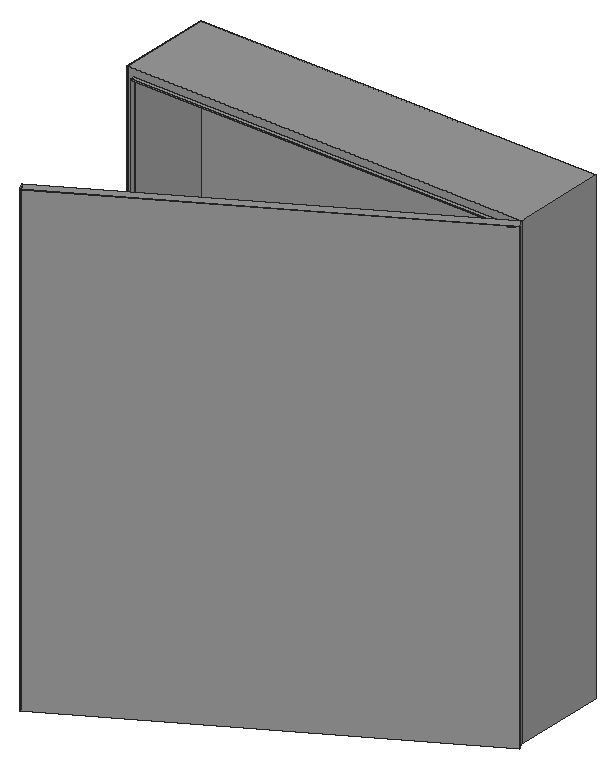
Revit family "Hager-Univers-IP44-D205-H950-Cl.I-Encl-NoHosted-CH-it", category Electrical Equipment, Revit 2020
Family settings
  Panel Configuration = Two Columns, Circuits Across
  Round Connector Dimension = Use Diameter
  Part Type = Panelboard
  Work Plane-Based = Yes
  Always vertical = Yes
  Cut with Voids When Loaded = No
  Shared = No
  Room Calculation Point = No
Parameters (values of type "A parete IP44 L800 A950 P205  - FP63TN2")
  Width Control [instance] = if([EF000008 - Larghezza] > Min Width, [EF000008 - Larghezza], Min Width)  # 800 mm
  Type Comments = [HG000003 - Gamma]  # "Univers"
  Thickness Door [instance] = if([EF009171 - spessore materiale porta/coperchio] > 3 mm, 3 mm, [EF009171 - spessore materiale porta/coperchio])  # 1 mm
  Seal Frame Offset [instance] = 17 mm  # constant formula
  Plinth Visibility [instance] = [HG000027 - Altezza dello zoccolo] > 0 mm  # no
  Min Width [instance] = 100 mm  # constant formula
  Min Depth [instance] = (2 * [EF009170 - spessore materiale scatola]) + 1 mm  # 3 mm
  Min Height [instance] = 100 mm  # constant formula
  Internal Frame Depth [instance] = (Door System Depth * 0.5)  # 9 mm
  Panel Name [instance] = ""  # (empty or 0)
  Model = ""
  HG000027 - Altezza dello zoccolo = 0 mm
  HG000026 - A pavimento = no
  HG000024 - Altezza della sezione inferiore = 600 mm
  HG000023 - Custodia a doppia sezione = no
  HG000016 - Visibilità delle porte nella vista 3D [instance] = yes
  HG000015 - Visibilità attraverso la porta [instance] = no
  HG000014 - Porta destra [instance] = yes
  HG000013 - Porta sinistra [instance] = not([HG000014 - Porta destra])  # no
  HG000012 - Angolo di apertura della porta [instance] = 30.00°
  HG000010 - Porte asimmetriche = no
  HG000009 - Porta doppia a battente = no
  HG000006 - Ad incasso = no
  HG000004 - Codice produttore = "FP63TN2"
  HG000003 - Gamma = "Univers"
  HG000002 - Con porta = yes
  Frame Offset Bottom [instance] = 10 mm  # constant formula
  Frame Offset [instance] = 15 mm  # constant formula
  EF015940 - Coprire con rilascio di sovrapressione = no
  EF011959 - tipo di protezione (NEMA) = ""
  EF009554 - numero delle aperture per la piastra della flangia = 6
  EF009212 - esecuzione coperchio = "EV000116 - chiuso"
  EF009171 - spessore materiale porta/coperchio = 1 mm
  EF009170 - spessore materiale scatola = 1 mm
  EF008873 - corrente nominale (In) = 250 A
  EF007800 - adatto per parafulmine = no
  EF006306 - con serratura = no
  EF006244 - coperchio/porta trasparente = no
  EF005474 - grado di protezione (IP) = "EV006418 - IP44"
  EF004464 - tipo di porta = "EV002646 - singolo"
  EF004427 - numero di moduli = 216
  EF004293 - resistenza agli urti = "EV006815 - IK09"
  EF003532 - adatto per uso esterno = no
  EF002950 - Numero moduli DIN = 36
  EF001613 - Integrità del circuito = "EV000494 - senza"
  EF001596 - Attacco Lampada = "EV000179 - acciaio"
  EF001131 - profondità interna = 130 mm
  EF001088 - possibilità di applicazione = yes
  EF000437 - numero di ingressi per conduttori = 6
  EF000339 - tipo di copertura = "EV001012 - coperchio"
  EF000266 - numero di file = 6
  EF000218 - profondità di incasso = 205 mm
  EF000118 - con piastra di montaggio = no
  EF000116 - numero RAL = "9010"
  EF000049 - profondità = 205 mm
  EF000040 - Altezza = 950 mm
  EF000008 - Larghezza = 800 mm
  EF000007 - colore = "EV000202 - bianco"
  EF000003 - Tipo di montaggio = "EV000384 - A parete"
  Door System Leaf Tolerance [instance] = 1.5 mm  # constant formula
  Door System Depth [instance] = 18 mm  # constant formula
  Door Height [instance] = Height Control - [HG000027 - Altezza dello zoccolo]  # 950 mm
  Description = ""
  Default Elevation = 1219.2 mm
  Connector Offset [instance] = Height Control / 2  # 475 mm
  Manufacturer = "Hager"  # constant formula
  Height Control [instance] = if([EF000040 - Altezza] > Min Height, [EF000040 - Altezza], Min Height)  # 950 mm
  Depth Control [instance] = if([EF000049 - profondità] > Min Depth, [EF000049 - profondità], Min Depth)  # 205 mm
  Bottom Top Plate Trim [instance] = 1.5 mm  # constant formula
  Plinth height Ctrl [instance] = if([HG000027 - Altezza dello zoccolo] > 0 mm, [HG000027 - Altezza dello zoccolo], 12 mm)  # 12 mm
Types (10, lengths in mm): name | Width Control | HG000010 - Porte asimmetriche | HG000009 - Porta doppia a battente | HG000004 - Codice produttore | EF009554 - numero delle aperture per la piastra della flangia | EF004464 - tipo di porta | EF004427 - numero di moduli | EF002950 - Numero moduli DIN | EF000437 - numero di ingressi per conduttori | EF000218 - profondità di incasso | EF000008 - Larghezza
  A parete IP44 L1050 A950 P205  - FP64QT | 1050 | no | no | "FP64QT" | 8 | "EV003602 - doppio" | 288 | 48 | 8 | 0 | 1050
  A parete IP44 L1050 A950 P205  - FP64TN2 | 1050 | no | yes | "FP64TN2" | 8 | "EV003602 - doppio" | 288 | 48 | 8 | 205 | 1050
  A parete IP44 L1300 A950 P205  - FP65QT | 1300 | no | no | "FP65QT" | 10 | "EV003602 - doppio" | 360 | 60 | 10 | 0 | 1300
  A parete IP44 L1300 A950 P205  - FP65TN2 | 1300 | yes | yes | "FP65TN2" | 10 | "EV003602 - doppio" | 360 | 60 | 10 | 205 | 1300
  A parete IP44 L300 A950 P205  - FP61QT | 300 | no | no | "FP61QT" | 2 | "EV002646 - singolo" | 72 | 12 | 2 | 0 | 300
  A parete IP44 L300 A950 P205  - FP61TN2 | 300 | no | no | "FP61TN2" | 2 | "EV002646 - singolo" | 72 | 12 | 2 | 205 | 300
  A parete IP44 L550 A950 P205  - FP62QT | 550 | no | no | "FP62QT" | 4 | "EV002646 - singolo" | 144 | 24 | 4 | 0 | 550
  A parete IP44 L550 A950 P205  - FP62TN2 | 550 | no | no | "FP62TN2" | 4 | "EV002646 - singolo" | 144 | 24 | 4 | 205 | 550
  A parete IP44 L800 A950 P205  - FP63QT | 800 | no | no | "FP63QT" | 6 | "EV002646 - singolo" | 216 | 36 | 6 | 0 | 800
  A parete IP44 L800 A950 P205  - FP63TN2 | 800 | no | no | "FP63TN2" | 6 | "EV002646 - singolo" | 216 | 36 | 6 | 205 | 800
Reference planes
  plane 1 "Center (Front/Back)": y = 0
  plane 2: z = 0
  plane 3 "Center (Left/Right)": x = 0
  plane 4: y = 0
  plane 5: y = 0
  plane 6: z = 0
  plane 7: x = -400
  plane 8: x = 400
  plane 9: x = 399
  plane 10: x = -399
  plane 11: z = 0
  plane 12: z = 1
  plane 13: y = -205
  plane 14: y = -1
  plane 15: x = 0
  plane 16: y = -187
  plane 17: y = -204
  plane 18: y = -186
  plane 19: x = -384
  plane 20: x = 384
  plane 21: z = 11
  plane 22: x = -383
  plane 23: x = 383
  plane 24: z = 0
  plane 25: z = 950
  plane 26: z = 950
  plane 27: z = 934
  plane 28: z = 949
Forms (mm)
  Extrusion 1, solid, material "Hager_Steel_RAL7035_Light_Grey", detail levels medium+fine
    sketch origin (-208.679, -4572, 0) x (-1, 0, 0) y (0, -1, 0)
      loop
        line (191.321, -4385) -> (-608.679, -4385) -> (-608.679, -4572) -> (191.321, -4572) -> (191.321, -4385)
    from 0 to 950
  Extrusion 2, void
    sketch origin (-350.771, -205, 1219.2) x (1, 0, 0) y (0, 0, 1)
      loop
        line (-48.229, -270.2) -> (-48.229, -1218.2) -> (749.771, -1218.2) -> (749.771, -270.2) -> (-48.229, -270.2)
    from -19 to -204
  Extrusion 3, void
    sketch origin (-290.084, -187, 1219.2) x (1, 0, 0) y (0, 0, 1)
      loop
        line (-93.916, -1208.2) -> (674.084, -1208.2) -> (674.084, -285.2) -> (-93.916, -285.2) -> (-93.916, -1208.2)
    from 0 to -1
  Extrusion 4, solid, material "Hager_Steel_RAL7035_Light_Grey", visible <- "Plinth Visibility", detail levels medium+fine
    sketch origin (0, 0, 0) x (1, 0, 0) y (0, 1, 0)
      loop
        line (-400, 0) -> (-400, -187) -> (400, -187) -> (400, 0) -> (-400, 0)
    from 0 to 12 <- "Plinth height Ctrl"
  Extrusion 5, solid, material "Hager_Steel_RAL7035_Light_Grey", detail levels coarse
    sketch origin (0, 0, 0) x (1, 0, 0) y (0, 1, 0)
      loop
        line (-400, 0) -> (-400, -205) -> (400, -205) -> (400, 0) -> (-400, 0)
    from 0 to 950 <- "Height Control"
  Sweep 6, void
    path in 3D
      loop
        line (-400, -187, 12) -> (400, -187, 12) -> (400, 0, 12) -> (-400, 0, 12) -> (-400, -187, 12)
    profile origin (-400, -93.5, 12) x (1, 0, 0) y (0, 0, 1)
      loop
        line (0, 0) -> (0, -1.5) -> (1.5, -1.5)
        arc (1.5, -1.5) -> (1.061, -0.439) -> (0, 0) r 1.5
  Extrusion 7, solid, material "Hager_Steel_RAL7035_Light_Grey", detail levels fine
    sketch origin (-400, -187, 0) x (1, 0, 0) y (0, 0, 1)
      loop
        line (16, 11) -> (784, 11) -> (784, 934) -> (16, 934) -> (16, 11)
      loop
        line (15, 10) -> (785, 10) -> (785, 935) -> (15, 935) -> (15, 10)
    from 0 to 9 <- "Internal Frame Depth"
Cuts and joins
  Extrusion 2, Extrusion 3 cuts Extrusion 1
  Sweep 6 cuts Extrusion 4
Lines and regions (mm)
  Masking region 1
    outline origin (0, 0, 0) x (1, 0, 0) y (0, 1, 0)
      loop
        line (-400, 0) -> (-400, -205) -> (400, -205) -> (400, 0) -> (-400, 0)
  Masking region 2, detail levels coarse
    outline origin (-290.084, -187, 1219.2) x (-1, 0, 0) y (0, 0, 1)
      loop
        line (-690.084, -1219.2) -> (109.916, -1219.2) -> (109.916, -269.2) -> (-690.084, -269.2) -> (-690.084, -1219.2)
  Masking region 3, detail levels coarse
    outline origin (0, 0, 0) x (0, 1, 0) y (0, 0, 1)
      loop
        line (0, 0) -> (0, 950) -> (-205, 950) -> (-205, 0) -> (0, 0)
  Masking region 4, visible <- "Plinth Visibility", detail levels medium+fine
    outline origin (0, 0, 0) x (0, 1, 0) y (0, 0, 1)
      loop
        line (-1.5, 12) -> (-185.5, 12)
        arc (-185.5, 12) -> (-185.939, 10.939) -> (-187, 10.5) r 1.5
        line (-187, 10.5) -> (-187, 0) -> (0, 0) -> (0, 10.5)
        arc (0, 10.5) -> (-1.061, 10.939) -> (-1.5, 12) r 1.5
  Masking region 5, detail levels medium+fine
    outline origin (0, 0, 594.038) x (0, 1, 0) y (0, 0, 1)
      loop
        line (0, -594.038) -> (0, 355.962) -> (-187, 355.962) -> (-187, -594.038) -> (0, -594.038)
  Masking region 6, detail levels medium+fine
    outline origin (-359.7, -187, 1211.883) x (-1, 0, 0) y (0, 0, 1)
      loop
        line (-759.7, -1211.883) -> (40.3, -1211.883) -> (40.3, -261.883) -> (-759.7, -261.883) -> (-759.7, -1211.883)
  Masking region 7, visible <- "Plinth Visibility", detail levels medium+fine
    outline origin (-320.334, -187, 1041.368) x (-1, 0, 0) y (0, 0, 1)
      loop
        line (-720.334, -1041.368) -> (79.666, -1041.368) -> (79.666, -1030.868)
        arc (79.666, -1030.868) -> (78.606, -1030.429) -> (78.166, -1029.368) r 1.5
        line (78.166, -1029.368) -> (-718.834, -1029.368)
        arc (-718.834, -1029.368) -> (-719.273, -1030.429) -> (-720.334, -1030.868) r 1.5
        line (-720.334, -1030.868) -> (-720.334, -1041.368)
  sketch lines
    curve 1: line (-400, 0, 12) -> (-400, -187, 12)
    curve 2: line (-400, -187, 12) -> (400, -187, 12)
    curve 3: line (400, 0, 12) -> (-400, 0, 12)
    curve 4: line (400, -187, 12) -> (400, 0, 12)
Dimensions and locks
  locked: plane 1 "Center (Front/Back)" to plane 5
  "EF009170 - spessore materiale scatola": plane 7 to plane 10
  "EF009170 - spessore materiale scatola": plane 8 to plane 9
  equal spacing: plane 7, plane 3 "Center (Left/Right)", plane 8
  "Width Control": plane 7 to plane 8
  "Depth Control": plane 4 to plane 13
  "EF009170 - spessore materiale scatola": plane 4 to plane 14
  "Height Control": plane 25 to level
  "HG000027 - Altezza dello zoccolo": plane 11 to level
  "EF009170 - spessore materiale scatola": plane 12 to plane 11
  "EF009170 - spessore materiale scatola": plane 17 to plane 13
  "EF009170 - spessore materiale scatola": plane 18 to plane 16
  "Frame Offset Bottom": plane 21 to plane 12
  "Frame Offset": plane 10 to plane 19
  "Frame Offset": plane 9 to plane 20
  "Door System Depth": plane 16 to plane 13
  "Seal Frame Offset": plane 7 to plane 22
  "Seal Frame Offset": plane 8 to plane 23
  "EF009170 - spessore materiale scatola": plane 26 to plane 28
  "Frame Offset": plane 28 to plane 27
  "Connector Offset": plane 2 to connector elem
  "Bottom Top Plate Trim": profile plane to Sweep 6 sketch curve
  "Bottom Top Plate Trim": Sweep 6 sketch curve to Sweep 6 sketch curve
  "Plinth height Ctrl": Masking region 4 sketch curve to level
  "Plinth height Ctrl": Masking region 7 sketch curve to level
  "Thickness Door": Extrusion 7 sketch curve to Extrusion 7 sketch curve  (x4)
  "Bottom Top Plate Trim": radius of Sweep 6 sketch curve
  "Bottom Top Plate Trim": radius of Masking region 4 sketch curve  (x2)
  "Bottom Top Plate Trim": radius of Masking region 7 sketch curve  (x2)
  aligned and locked: Extrusion 2 sketch curve to plane 12
  aligned and locked: Extrusion 2 sketch curve to plane 9
  aligned and locked: Extrusion 2 sketch curve to plane 10
  aligned and locked: Extrusion 2 to plane 14
  aligned and locked: Extrusion 1 sketch curve to plane 4
  aligned and locked: plane 8 to Extrusion 1 sketch curve
  aligned and locked: plane 7 to Extrusion 1 sketch curve
  aligned and locked: Extrusion 2 to plane 18
  aligned and locked: Extrusion 3 sketch curve to plane 19
  aligned and locked: plane 20 to Extrusion 3 sketch curve
  aligned and locked: Extrusion 3 to Extrusion 2
  aligned and locked: Extrusion 3 sketch curve to plane 21
  aligned and locked: plane 3 "Center (Left/Right)" to nested 1
  aligned and locked: Extrusion 1 sketch curve to plane 16
  aligned and locked: Extrusion 4 sketch curve to cut or joined group of Extrusion 1, Extrusion 2, Extrusion 3
  aligned and locked: Masking region 1 sketch curve to plane 7
  aligned and locked: Masking region 1 sketch curve to plane 5
  aligned and locked: Masking region 1 sketch curve to plane 8
  aligned and locked: Masking region 2 sketch curve to level
  aligned and locked: level to Masking region 3 sketch curve
  aligned and locked: plane 1 "Center (Front/Back)" to Masking region 3 sketch curve
  aligned and locked: plane 13 to Masking region 3 sketch curve
  aligned and locked: plane 5 to Masking region 4 sketch curve
  aligned and locked: Masking region 2 sketch curve to plane 8
  aligned and locked: Masking region 2 sketch curve to plane 7
  aligned and locked: plane 7 to nested 2
  aligned and locked: nested 2 to plane 5
  aligned and locked: plane 5 to Masking region 5 sketch curve
  aligned and locked: plane 26 to Masking region 5 sketch curve
  aligned and locked: Extrusion 5 sketch curve to plane 8
  aligned and locked: Extrusion 5 sketch curve to plane 7
  aligned and locked: Extrusion 5 sketch curve to plane 5
  aligned and locked: Extrusion 3 sketch curve to plane 27
  aligned and locked: Extrusion 2 sketch curve to plane 28
  aligned and locked: Masking region 2 to plane 25
  aligned and locked: Extrusion 4 to plane 16
  aligned and locked: profile plane to Sweep 6 sketch curve
  aligned and locked: Masking region 5 sketch curve to plane 24
  aligned and locked: level to Masking region 4 sketch curve
  aligned and locked: Masking region 1 to plane 13
  aligned and locked: nested 1 to plane 16
  aligned and locked: Masking region 3 to plane 25
  aligned and locked: plane 16 to Masking region 4 sketch curve
  aligned and locked: Masking region 5 sketch curve to plane 16
  aligned and locked: plane 24 to plane 11
  aligned and locked: plane 26 to plane 25
  aligned and locked: plane 26 to cut or joined group of Extrusion 1, Extrusion 2, Extrusion 3
  aligned and locked: nested 1 to plane 24
  aligned and locked: Extrusion 1 to Extrusion 3
  aligned and locked: Masking region 6 sketch curve to plane 8
  aligned and locked: Masking region 6 sketch curve to plane 24
  aligned and locked: Masking region 6 sketch curve to plane 7
  aligned and locked: Masking region 6 sketch curve to plane 26
  aligned and locked: Masking region 7 sketch curve to plane 7
  aligned and locked: level to Masking region 7 sketch curve
  aligned and locked: Masking region 7 sketch curve to plane 8
  aligned and locked: Extrusion 7 sketch curve to cut or joined group of Extrusion 1, Extrusion 2, Extrusion 3  (x4)
Automatic sketch dimensions
  plane 19 to Extrusion 3 sketch curve = 0 mm
  Extrusion 3 sketch curve to plane 20 = 0 mm
  Extrusion 3 sketch curve to plane 21 = 0 mm
  Extrusion 4 sketch curve to plane 7 = 0 mm
  Extrusion 4 sketch curve to plane 8 = 0 mm
  Extrusion 4 sketch curve to plane 16 = 0 mm
  Masking region 1 sketch curve to plane 13 = 0 mm
  Masking region 2 sketch curve to plane 25 = 0 mm
  Masking region 3 sketch curve to plane 25 = 0 mm
  Extrusion 5 sketch curve to plane 13 = 0 mm
  profile plane to Sweep 6 sketch curve = 0 mm
Nested families
  nested 1: "EC000058_Univers_Door" at (0, -187, 0), Double <- "HG000009 - Porta doppia a battente", Transparent <- "EF006244 - coperchio/porta trasparente", Angle <- "HG000012 - Angolo di apertura della porta", Door_Right <- "HG000014 - Porta destra", Assymetrical <- "HG000010 - Porte asimmetriche", Door <- "HG000002 - Con porta", Width_Ctrl <- "Width Control", 3d_Door <- "HG000016 - Visibilità delle porte nella vista 3D", Clearance <- "HG000015 - Visibilità attraverso la porta", Door_Left <- "HG000013 - Porta sinistra", Width <- "Width Control", Door_Depth <- "Door System Depth", Leaf_Tolerance <- "Door System Leaf Tolerance", Height <- "Door Height", Lock_Visibility <- "EF006306 - con serratura", Thickness <- "Thickness Door", type "EC000058_Univers_Door", detail levels medium+fine
    with min_wh 3 mm, Width_Ctrl 800 mm, Width 800 mm, Transparent no, Thickness 1 mm, Seal_Material Hager_Rubber, Lock_Visibility no, Lock_Material Hager_Plastic_RAL9005_Jet_Black, Leaf_Width 800 mm, Leaf_Tolerance_External_Sides 0 mm, Leaf_Tolerance 1.5 mm, Leaf_Offset 0 mm, Leaf_Height 947 mm, Leaf_2_Width 800 mm, Leaf_2_Offset 400 mm, Leaf_1_Width 800 mm, Leaf_1_Offset 400 mm, Height_Ctrl 950 mm, Height 950 mm, Glass_Material Hager_Glass, Double_Clearance_Ctrl no, Double no, Door_Right_Ctrl yes, Door_Right yes, Door_Material Hager_Steel_RAL7035_Light_Grey, Door_Left_Ctrl no, Door_Left no, Door_Depth 18 mm, Door yes, Clearance_Material Hager_Clearance, Clearance_Depth 800 mm, Clearance_Ctrl no, Clearance no, Assymetrical no, Angle 30.00°, 3d_Door yes
  nested 2: "Hager_Enclosure_Symbol" at (-400, 0, 0), Height <- "Depth Control", Width <- "Width Control", type "Hager_Enclosure_Symbol"
    with Width_Ctrl 800 mm, Width 800 mm, Height_Ctrl 205 mm, Height 205 mm, A_Width_Int 13.453 mm, A_Width 161.438 mm, A_Height_Ctrl 179.375 mm, A_Height 179.375 mm
Connectors
  electrical at (0, 0, 475)
    settings: on plane 1 "Center (Front/Back)", index 1, voltage 0 V, apparent load 0 VA, apparent load phase1 0 VA, apparent load phase2 0 VA, apparent load phase3 0 VA, power factor 1, load classification "Other", number of poles 1, system type 30, power factor state 1, is connector primary yes, connector utility no, sub classification motor no, connector description ""
Definition of nested family "EC000058_Univers_Door"
  Parameters (values of type "EC000058_Univers_Door")
    min_wh [instance] = (2 * Thickness) + 1 mm  # 11 mm
    Width_Ctrl [instance] = 400 mm
    Width [instance] = 500 mm
    Transparent [instance] = yes
    Thickness [instance] = 5 mm
    Seal_Material [instance] = none
    Lock_Visibility [instance] = yes
    Lock_Material [instance] = none
    Leaf_Width [instance] = if((Width_Ctrl - 2 * Leaf_Tolerance_External_Sides) > 0 mm, (Width_Ctrl - 2 * Leaf_Tolerance_External_Sides), min_wh)  # 400 mm
    Leaf_Tolerance_External_Sides [instance] = 0 mm  # constant formula
    Leaf_Tolerance [instance] = 1.5 mm
    Leaf_Offset [instance] = 0 mm  # constant formula
    Leaf_Height [instance] = if((Height_Ctrl - 2 * Leaf_Tolerance) > 0 mm, (Height_Ctrl - 2 * Leaf_Tolerance), min_wh)  # 497 mm
    Leaf_2_Width [instance] = if(and(and(Double, Assymetrical), Door_Left), (Leaf_Width / 3) - (Leaf_Tolerance / 2), if(and(and(Double, Assymetrical), Door_Right), (Leaf_Width / 3) * 2 - (Leaf_Tolerance / 2), if(and(Double, not(Assymetrical)), (Leaf_Width / 2) - Leaf_Tolerance, Leaf_Width)))  # 400 mm
    Leaf_2_Offset [instance] = if(and(Double, Assymetrical), Leaf_2_Width / 2, if(and(Double, not(Assymetrical)), Leaf_Width / 4, Leaf_Width / 2))  # 200 mm
    Leaf_1_Width [instance] = if(and(and(Double, Assymetrical), Door_Right), (Leaf_Width / 3) - (Leaf_Tolerance / 2), if(and(and(Double, Assymetrical), Door_Left), (Width / 3) * 2 - (Leaf_Tolerance / 2), if(and(Double, not(Assymetrical)), (Leaf_Width / 2) - Leaf_Tolerance, Leaf_Width)))  # 400 mm
    Leaf_1_Offset [instance] = if(and(Double, Assymetrical), Leaf_1_Width / 2, if(and(Double, not(Assymetrical)), Leaf_Width / 4, Leaf_Width / 2))  # 200 mm
    Height_Ctrl [instance] = if(Height > min_wh, Height, min_wh)  # 500 mm
    Height [instance] = 500 mm
    Glass_Material [instance] = none
    Double_Clearance_Ctrl [instance] = and(Double, Clearance)  # no
    Double [instance] = no
    Door_Right_Ctrl [instance] = and(or(Door_Right, Double), Door)  # yes
    Door_Right [instance] = yes
    Door_Material [instance] = none
    Door_Left_Ctrl [instance] = and(or(Door_Left, Double), Door)  # no
    Door_Left [instance] = no
    Door_Depth [instance] = 30 mm
    Door [instance] = yes
    Default Elevation = 1219.2 mm
    Clearance_Material [instance] = none
    Clearance_Depth [instance] = if(Leaf_1_Width > Leaf_2_Width, Leaf_1_Width, Leaf_2_Width)  # 400 mm
    Clearance_Ctrl [instance] = and(not(Double), Clearance)  # yes
    Clearance [instance] = yes
    Assymetrical [instance] = yes
    Angle [instance] = 30.00°
    3d_Door [instance] = yes
  Reference planes
    plane 1 "Center (Front/Back)": y = 0
    plane 2 "Bottom": z = 0
    plane 3 "Center (Left/Right)": x = 0
    plane 4: z = 500
    plane 5: x = -200
    plane 6: x = 200
    plane 7: z = 500
    plane 8: x = -200
    plane 9: z = 0
    plane 10: x = 200
    plane 11: y = 0
    plane 12: z = 1.5
    plane 13: x = -600
    plane 14: y = -400
    plane 15: x = 600
    plane 16: x = 0
    plane 17: x = 0
    plane 18: x = -200
    plane 19: x = 200
    plane 20: z = 498.5
  Forms (mm)
    Extrusion 1, solid, material <- "Clearance_Material", visible <- "Double_Clearance_Ctrl"
      sketch origin (1200, 0, 0) x (1, 0, 0) y (0, 0, -1)
        loop
          line (-1800, -498.5) -> (-600, -498.5) -> (-600, 0) -> (-1800, 0) -> (-1800, -498.5)
      from 0 to -400
  Dimensions and locks
    equal spacing: plane 5, plane 3 "Center (Left/Right)", plane 6
    "Width_Ctrl": plane 5 to plane 6
    "Leaf_Offset": plane 5 to plane 8
    "Leaf_Offset": plane 6 to plane 10
    "Leaf_Offset": plane 9 to level
    "Leaf_Offset": plane 4 to plane 7
    "Height_Ctrl": plane 4 to level
    "Leaf_Tolerance": plane 12 to plane 9
    locked: plane 11 to plane 1 "Center (Front/Back)"
    "Leaf_1_Offset": plane 18 to plane 16
    "Leaf_2_Offset": plane 17 to plane 19
    "Leaf_1_Width": plane 13 to plane 8
    "Leaf_2_Width": plane 10 to plane 15
    "Clearance_Depth": plane 14 to plane 1 "Center (Front/Back)"
    "Leaf_Tolerance_External_Sides": plane 8 to plane 18
    "Leaf_Tolerance_External_Sides": plane 19 to plane 10
    "Leaf_Tolerance": plane 7 to plane 20
    aligned and locked: level to plane 2 "Bottom"
    aligned and locked: nested 1 to plane 16
    aligned and locked: nested 2 to plane 17
    aligned and locked: Extrusion 1 to plane 13
    aligned and locked: plane 15 to Extrusion 1
    aligned and locked: Extrusion 1 to plane 14
    aligned and locked: plane 12 to nested 1
    aligned and locked: nested 2 to plane 12
    aligned and locked: Extrusion 1 to plane 11
    aligned and locked: plane 20 to Extrusion 1
    aligned and locked: nested 2 to plane 11
    aligned and locked: nested 1 to plane 11
  Automatic sketch dimensions
    Extrusion 1 sketch curve to level = 0 mm
    plane 5 to Extrusion 1 sketch curve = 400 mm
    plane 6 to Extrusion 1 sketch curve = 400 mm
    Extrusion 1 sketch curve to plane 4 = 1.5 mm
  Nested families
    nested 1: "EC000058_Univers_Door_Leaf" at (0, 0, 1.5), Width <- "Leaf_1_Width", visible <- "Door_Left_Ctrl", Leaf_Height <- "Leaf_Height", Angle <- "Angle", 3d_Door <- "3d_Door", Transparent <- "Transparent", Clearance Material <- "Clearance_Material", Clearance <- "Clearance_Ctrl", Door_Material <- "Door_Material", Glass_Material <- "Glass_Material", Door_Depth <- "Door_Depth", Lock_Material <- "Lock_Material", Seal_Material <- "Seal_Material", Lock_Visibility <- "Lock_Visibility", Thickness <- "Thickness", type "EC000058_Univers_Door_Leaf"
      with Width 400 mm, Transparent_Glass_Offset 30 mm, Transparent_Ctrl yes, Transparent yes, Thickness 5 mm, Standard no, Seal_Material none, Seal_D2 8 mm, Seal_D1 1 mm, Offset_Internal_Frame 10 mm, Lock_Width 20 mm, Lock_Visibility_3d yes, Lock_Visibility yes, Lock_Thickness_3 3 mm, Lock_Thickness_2 1 mm, Lock_Thickness_1 3 mm, Lock_Radius_Offset_2 16 mm, Lock_Radius_Offset_1 15 mm, Lock_Radius_2 5 mm, Lock_Radius 6 mm, Lock_Offset 5 mm, Lock_Material none, Lock_Height 80 mm, Lock_Cover_Top_Offset_2d 17 mm, Lock_Cover_Height -65 mm, Leaf_Height 497 mm, Internal_Seal_Thickness 8 mm, Internal_Seal_Depth_2 4.5 mm, Internal_Frame_Depth 25 mm, Glass_Thickness -1 mm, Glass_Offset -2 mm, Glass_Material none, Door_Material none, Door_Depth 30 mm, Clearance Material none, Clearance yes, Angle_Ctrl 30.00°, Angle 30.00°, 3d_Door yes
    nested 2: "EC000058_Univers_Door_Leaf" at (0, 0, 1.5) x (-1, 0, 0) z (0, 0, 1), Width <- "Leaf_2_Width", visible <- "Door_Right_Ctrl", Leaf_Height <- "Leaf_Height", Angle <- "Angle", 3d_Door <- "3d_Door", Transparent <- "Transparent", Clearance Material <- "Clearance_Material", Clearance <- "Clearance_Ctrl", Door_Material <- "Door_Material", Glass_Material <- "Glass_Material", Door_Depth <- "Door_Depth", Lock_Material <- "Lock_Material", Seal_Material <- "Seal_Material", Lock_Visibility <- "Lock_Visibility", Thickness <- "Thickness", type "EC000058_Univers_Door_Leaf"
      with Width 400 mm, Transparent_Glass_Offset 30 mm, Transparent_Ctrl yes, Transparent yes, Thickness 5 mm, Standard no, Seal_Material none, Seal_D2 8 mm, Seal_D1 1 mm, Offset_Internal_Frame 10 mm, Lock_Width 20 mm, Lock_Visibility_3d yes, Lock_Visibility yes, Lock_Thickness_3 3 mm, Lock_Thickness_2 1 mm, Lock_Thickness_1 3 mm, Lock_Radius_Offset_2 16 mm, Lock_Radius_Offset_1 15 mm, Lock_Radius_2 5 mm, Lock_Radius 6 mm, Lock_Offset 5 mm, Lock_Material none, Lock_Height 80 mm, Lock_Cover_Top_Offset_2d 17 mm, Lock_Cover_Height -65 mm, Leaf_Height 497 mm, Internal_Seal_Thickness 8 mm, Internal_Seal_Depth_2 4.5 mm, Internal_Frame_Depth 25 mm, Glass_Thickness -1 mm, Glass_Offset -2 mm, Glass_Material none, Door_Material none, Door_Depth 30 mm, Clearance Material none, Clearance yes, Angle_Ctrl 30.00°, Angle 30.00°, 3d_Door yes
  Definition of nested family "EC000058_Univers_Door_Leaf"
    Parameters (values of type "EC000058_Univers_Door_Leaf")
      Width [instance] = 2000 mm
      Transparent_Glass_Offset [instance] = 30 mm
      Transparent_Ctrl [instance] = and(Transparent, [3d_Door])  # yes
      Transparent [instance] = yes
      Thickness [instance] = 5 mm
      Standard [instance] = and(not(Transparent), [3d_Door])  # no
      Seal_Material [instance] = none
      Seal_D2 [instance] = 8 mm  # constant formula
      Seal_D1 [instance] = 1 mm  # constant formula
      Offset_Internal_Frame [instance] = 10 mm  # constant formula
      Lock_Width [instance] = 20 mm  # constant formula
      Lock_Visibility_3d [instance] = and(Lock_Visibility, [3d_Door])  # yes
      Lock_Visibility [instance] = yes
      Lock_Thickness_3 [instance] = 3 mm  # constant formula
      Lock_Thickness_2 [instance] = 1 mm  # constant formula
      Lock_Thickness_1 [instance] = 3 mm  # constant formula
      Lock_Radius_Offset_2 [instance] = Lock_Radius_Offset_1 + 1 mm  # 16 mm
      Lock_Radius_Offset_1 [instance] = 15 mm  # constant formula
      Lock_Radius_2 [instance] = Lock_Radius - 1 mm  # 5 mm
      Lock_Radius [instance] = 6 mm  # constant formula
      Lock_Offset [instance] = 5 mm  # constant formula
      Lock_Material [instance] = none
      Lock_Height [instance] = 80 mm  # constant formula
      Lock_Cover_Top_Offset_2d [instance] = Lock_Radius_Offset_2 + 1 mm  # 17 mm
      Lock_Cover_Height [instance] = -(Lock_Height - Lock_Radius_Offset_1)  # -65 mm
      Leaf_Height [instance] = 2720.336 mm
      Internal_Seal_Thickness [instance] = 8 mm  # constant formula
      Internal_Seal_Depth_2 [instance] = 4.5 mm  # constant formula
      Internal_Frame_Depth [instance] = if(Door_Depth - Thickness > 5 mm, Door_Depth - Thickness, 5 mm)  # 25 mm
      Glass_Thickness [instance] = if(Thickness > 15 mm, Glass_Offset + 10 mm, -1 mm)  # -1 mm
      Glass_Offset [instance] = if(Thickness > 15 mm, -(Thickness + 10 mm) / 2, -2 mm)  # -2 mm
      Glass_Material [instance] = none
      Door_Material [instance] = none
      Door_Depth [instance] = 30 mm
      Default Elevation = 0 mm
      Clearance Material [instance] = none
      Clearance [instance] = yes
      Angle_Ctrl [instance] = if(Angle > 180.00°, 180.00°, Angle)  # 90.00°
      Angle [instance] = 90.00°
      3d_Door [instance] = yes
    Reference planes
      plane 1 "Center (Front/Back)": y = 0
      plane 2: z = 0
      plane 3 "Center (Left/Right)": x = 0
      plane 4: y = 2000
      plane 5: x = -1000
      plane 6: x = 1000
      plane 7: x = -3000
      plane 8: z = 2720.336
      plane 9: z = 30
      plane 10: z = 2690.336
      plane 11: x = 970
      plane 12: x = -970
      plane 13: y = -3
      plane 14: z = 107.833
      plane 15: y = -5
      plane 16: y = -223.314
      plane 17: x = -1000
      plane 18: z = 1360.168
      plane 19: y = 30
    Forms (mm)
      Extrusion 1, solid, material <- "Clearance Material", visible <- "Clearance"
        sketch origin (0, 0, 0) x (1, 0, 0) y (0, 0, 1)
          loop
            line (-3000, 2720.336) -> (-3000, 0) -> (1000, 0) -> (1000, 2720.336) -> (-3000, 2720.336)
        from 0 to -2000
      Extrusion 2, solid, material <- "Door_Material", visible <- "Standard", detail levels medium+fine
        sketch origin (-1000, 0, 0) x (0, 1, 0) y (-1, 0, 0)
          loop
            line (0, 30) -> (0, 25) -> (2000, 25) -> (2000, 30) -> (0, 30)
        from 0 to 2720.336 <- "Leaf_Height"
      Extrusion 3, solid, material <- "Door_Material", visible <- "Transparent_Ctrl", detail levels medium+fine
        sketch origin (-1000, 0, 0) x (0, 1, 0) y (-1, 0, 0)
          loop
            line (0, 25) -> (2000, 25) -> (2000, 30) -> (0, 30) -> (0, 25)
        from 0 to 2720.336 <- "Leaf_Height"
      Extrusion 4, void
        sketch origin (-1025, 2000, 0) x (0, 1, 0) y (0, 0, -1)
          loop
            line (-30, -2690.336) -> (-30, -30) -> (-1970, -30) -> (-1970, -2690.336) -> (-30, -2690.336)
        from 0 to 5 <- "Thickness"
      Sweep 5, solid, material <- "Seal_Material", visible <- "Transparent_Ctrl", detail levels fine
        path in 3D
          loop
            line (-1025, 30, 30) -> (-1025, 30, 2690.336) -> (-1025, 1970, 2690.336) -> (-1025, 1970, 30) -> (-1025, 30, 30)
        profile origin (-1025, 1000, 30) x (1, 0, 0) y (0, 0, 1)
          loop
            line (0, 0) -> (0, -8) -> (1, -8) -> (1, 0) -> (0, 0)
      Extrusion 6, solid, material <- "Glass_Material", visible <- "Transparent_Ctrl", detail levels medium+fine
        sketch origin (-1030, 0, 0) x (0, 1, 0) y (0, 0, -1)
          loop
            line (1970, -2690.336) -> (1970, -30) -> (30, -30) -> (30, -2690.336) -> (1970, -2690.336)
        from -2 <- "Glass_Offset" to -1 <- "Glass_Thickness"
      Extrusion 7, solid, material <- "Door_Material", visible <- "3d_Door", detail levels medium+fine
        sketch origin (-1025, 2000, 0) x (0, -1, 0) y (0, 0, -1)
          loop
            line (0, -2720.336) -> (2000, -2720.336) -> (2000, 0) -> (0, 0) -> (0, -2720.336)
          loop
            line (1995, -5) -> (5, -5) -> (5, -2715.336) -> (1995, -2715.336) -> (1995, -5)
        from 0 to 25 <- "Internal_Frame_Depth"
      Sweep 8, solid, material <- "Seal_Material", visible <- "Transparent_Ctrl", detail levels fine
        path in 3D
          loop
            line (-1025, 0, 0) -> (-1025, 2000, 0) -> (-1025, 2000, 2720.336) -> (-1025, 0, 2720.336) -> (-1025, 0, 0)
        profile origin (-1025, 0, 1360.168) x (1, 0, 0) y (0, 1, 0)
          loop
            line (0, 10) -> (2.975, 10)
            arc (2.975, 10) -> (4.053, 10.447) -> (4.5, 11.525) r 1.525
            line (4.5, 11.525) -> (4.5, 16.527)
            arc (4.5, 16.527) -> (4.069, 17.569) -> (3.027, 18) r 1.473
            line (3.027, 18) -> (0, 18) -> (0, 10)
      Extrusion 9, solid, material <- "Lock_Material", visible <- "Lock_Visibility_3d", detail levels fine
        sketch origin (-1030, 0, 0) x (0, 1, 0) y (0, 0, -1)
          loop
            arc (1993.5, -1400.168) -> (1994.561, -1399.729) -> (1995, -1398.668) r 1.5
            line (1995, -1398.668) -> (1995, -1320.168) -> (1975, -1320.168) -> (1975, -1398.668)
            arc (1975, -1398.668) -> (1975.439, -1399.729) -> (1976.5, -1400.168) r 1.5
            line (1976.5, -1400.168) -> (1993.5, -1400.168)
        from 3 <- "Lock_Thickness_1" to 0
      Blend 10, solid, material <- "Lock_Material", visible <- "Lock_Visibility_3d", detail levels fine
        base sketch origin (-1033, 0, 0) x (0, 1, 0) y (0, 0, -1)
          loop
            line (1975, -1320.168) -> (1975, -1398.668)
            arc (1975, -1398.668) -> (1975.439, -1399.729) -> (1976.5, -1400.168) r 1.5
            line (1976.5, -1400.168) -> (1993.5, -1400.168)
            arc (1993.5, -1400.168) -> (1994.561, -1399.729) -> (1995, -1398.668) r 1.5
            line (1995, -1398.668) -> (1995, -1320.168) -> (1975, -1320.168)
        top sketch origin (-1033, 0, 0) x (0, 1, 0) y (0, 0, -1)
          loop
            line (1976, -1320.168) -> (1976, -1398.668)
            arc (1976, -1398.668) -> (1976.146, -1399.022) -> (1976.5, -1399.168) r 0.5
            line (1976.5, -1399.168) -> (1993.5, -1399.168)
            arc (1993.5, -1399.168) -> (1993.854, -1399.022) -> (1994, -1398.668) r 0.5
            line (1994, -1398.668) -> (1994, -1320.168) -> (1976, -1320.168)
        from 0 to 1 <- "Lock_Thickness_2"
      Blend 11, solid, material <- "Lock_Material", visible <- "Lock_Visibility_3d", detail levels fine
        base sketch origin (-1034, 0, 0) x (0, 1, 0) y (0, 0, -1)
          loop
            line (1978, -1320.168) -> (1978, -1384.168)
            arc (1978, -1384.168) -> (1985, -1391.168) -> (1992, -1384.168) r 7
            line (1992, -1384.168) -> (1992, -1320.168) -> (1978, -1320.168)
        top sketch origin (-1034, 0, 0) x (0, 1, 0) y (0, 0, -1)
          loop
            line (1991, -1320.168) -> (1979, -1320.168) -> (1979, -1383.168)
            arc (1979, -1383.168) -> (1985, -1389.168) -> (1991, -1383.168) r 6
            line (1991, -1383.168) -> (1991, -1320.168)
        from 0 to 3 <- "Lock_Thickness_3"
      Extrusion 12, solid, material <- "Lock_Material", visible <- "Lock_Visibility_3d", detail levels fine
        sketch origin (-1030, 1975, 1320.168) x (1, 0, 0) y (0, -1, 0)
          loop
            line (-7, -19) -> (-7, -1) -> (0, -1) -> (0, 0) -> (-8, 0) -> (-8, -20) -> (0, -20) -> (0, -19) -> (-7, -19)
        from 0 to -65 <- "Lock_Cover_Height"
      Extrusion 13, void
        sketch origin (-1038, 1995, 1320.168) x (-1, 0, 0) y (0, 0, -1)
          loop
            line (-5, -65) -> (0, -65) -> (-5, -60) -> (-5, -65)
        from 0 to 20 <- "Lock_Width"
      Extrusion 14, void
        sketch origin (-1038, 1975, 1320.168) x (0, -1, 0) y (0, 0, -1)
          loop
            circle (-10, -15.995) r 6
          loop
            circle (-10, -15.995) r 5
        from 0 to 2
      Extrusion 15, solid, material <- "Lock_Material", visible <- "Lock_Visibility_3d", detail levels medium
        sketch origin (-1030, 0, 0) x (0, 1, 0) y (0, 0, -1)
          loop
            arc (1993.5, -1400.168) -> (1994.561, -1399.729) -> (1995, -1398.668) r 1.5
            line (1995, -1398.668) -> (1995, -1320.168) -> (1975, -1320.168) -> (1975, -1398.668)
            arc (1975, -1398.668) -> (1975.439, -1399.729) -> (1976.5, -1400.168) r 1.5
            line (1976.5, -1400.168) -> (1993.5, -1400.168)
        from 8 to 0
    Cuts and joins
      Extrusion 4 cuts Extrusion 3
      Extrusion 13, Extrusion 14 cuts Extrusion 9
      Extrusion 14 cuts Blend 11
      Extrusion 13, Extrusion 14 cuts Extrusion 12
      joined: Extrusion 9, Blend 10, Blend 11, Extrusion 12
      Extrusion 14 cuts Extrusion 15
    Lines and regions (mm)
      Masking region 1, visible <- "Lock_Visibility", detail levels fine
        outline origin (0, 0, 0) x (0, 1, 0) y (0, 0, 1)
          loop
            line (30, 1320.168) -> (33, 1320.168) -> (33, 1400.168) -> (30, 1400.168) -> (30, 1320.168)
      Masking region 2, visible <- "Lock_Visibility", detail levels fine
        outline origin (0, 3.143, 0) x (0, 1, 0) y (0, 0, 1)
          loop
            line (29.857, 1354.168) -> (30.857, 1354.168) -> (30.857, 1366.168) -> (29.857, 1366.168) -> (29.857, 1354.168)
      Masking region 3, detail levels medium+fine
        outline origin (0, 0, 0) x (0, 1, 0) y (0, 0, 1)
          loop
            line (0, 0) -> (30, 0) -> (30, 2720.336) -> (0, 2720.336) -> (0, 0)
      Masking region 4, detail levels medium+fine
        outline origin (0, 0, 0) x (1, 0, 0) y (0, 0, 1)
          loop
            line (-1000, 2720.336) -> (-1000, 0) -> (1000, 0) -> (1000, 2720.336) -> (-1000, 2720.336)
      Masking region 5, visible <- "Lock_Visibility", detail levels fine
        outline origin (-47.116, 0, 0) x (1, 0, 0) y (0, 0, 1)
          loop
            arc (1024.616, 1399.168) -> (1023.556, 1398.729) -> (1023.116, 1397.668) r 1.5
            line (1023.116, 1397.668) -> (1023.116, 1320.168) -> (1041.116, 1320.168) -> (1041.116, 1397.668)
            arc (1041.116, 1397.668) -> (1040.677, 1398.729) -> (1039.616, 1399.168) r 1.5
            line (1039.616, 1399.168) -> (1024.616, 1399.168)
      Masking region 6, visible <- "Lock_Visibility", detail levels medium+fine
        outline origin (-25, 0, 0) x (1, 0, 0) y (0, 0, 1)
          loop
            arc (1001.5, 1400.168) -> (1000.439, 1399.729) -> (1000, 1398.668) r 1.5
            line (1000, 1398.668) -> (1000, 1320.168) -> (1020, 1320.168) -> (1020, 1398.668)
            arc (1020, 1398.668) -> (1019.561, 1399.729) -> (1018.5, 1400.168) r 1.5
            line (1018.5, 1400.168) -> (1001.5, 1400.168)
      Masking region 7, visible <- "Lock_Visibility", detail levels fine
        outline origin (-73.735, 0, 0) x (1, 0, 0) y (0, 0, 1)
          loop
            line (1051.735, 1382.168) -> (1065.735, 1382.168) -> (1065.735, 1384.168)
            arc (1065.735, 1384.168) -> (1058.735, 1391.168) -> (1051.735, 1384.168) r 7
            line (1051.735, 1384.168) -> (1051.735, 1382.168)
      Masking region 8, visible <- "Lock_Visibility", detail levels fine
        outline origin (-73.735, 0, 0) x (1, 0, 0) y (0, 0, 1)
          loop
            line (1052.735, 1382.168) -> (1064.735, 1382.168) -> (1064.735, 1383.168)
            arc (1064.735, 1383.168) -> (1058.735, 1389.168) -> (1052.735, 1383.168) r 6
            line (1052.735, 1383.168) -> (1052.735, 1382.168)
      Masking region 9, visible <- "Lock_Visibility", detail levels fine
        outline origin (-25, 0, 0) x (1, 0, 0) y (0, 0, 1)
          loop
            line (1020, 1320.168) -> (1020, 1382.168) -> (1000, 1382.168) -> (1000, 1320.168) -> (1020, 1320.168)
      Masking region 10, detail levels medium+fine
        outline origin (0, 0, 0) x (1, 0, 0) y (0, 0, 1)
          loop
            circle (985, 1335.144) r 6
      Masking region 11, detail levels fine
        outline origin (0, 0, 0) x (1, 0, 0) y (0, 0, 1)
          loop
            circle (985, 1335.144) r 5
      Masking region 12, visible <- "Lock_Visibility", detail levels fine
        outline origin (0, 12.767, 0) x (0, 1, 0) y (0, 0, 1)
          loop
            line (20.233, 1320.168) -> (21.233, 1320.168) -> (21.233, 1399.168) -> (20.233, 1400.168) -> (20.233, 1320.168)
      Masking region 13, visible <- "Lock_Visibility", detail levels fine
        outline origin (0, 13.767, -10) x (0, 1, 0) y (0, 0, 1)
          loop
            line (20.233, 1330.168) -> (23.233, 1330.168) -> (23.233, 1399.168) -> (20.233, 1402.168) -> (20.233, 1330.168)
      Masking region 14, visible <- "Lock_Visibility", detail levels fine
        outline origin (0, 12.767, -10) x (0, 1, 0) y (0, 0, 1)
          loop
            line (20.233, 1330.168) -> (25.233, 1330.168) -> (25.233, 1399.305) -> (20.233, 1394.305) -> (20.233, 1330.168)
      Masking region 15, visible <- "Lock_Visibility", detail levels medium
        outline origin (0, 0, 0) x (0, 1, 0) y (0, 0, 1)
          loop
            line (30, 1320.168) -> (38, 1320.168) -> (38, 1400.168) -> (30, 1400.168) -> (30, 1320.168)
      Masking region 16, visible <- "Lock_Visibility", detail levels fine
        outline origin (-1000, 0, 0) x (0, 1, 0) y (-1, 0, 0)
          loop
            line (1975, 30) -> (1995, 30) -> (1995, 38) -> (1975, 38) -> (1975, 30)
          loop
            line (1979, 37) -> (1976, 37) -> (1976, 34) -> (1978, 34) -> (1979, 37)
          loop
            line (1994, 37) -> (1991, 37) -> (1992, 34) -> (1994, 34) -> (1994, 37)
      Masking region 17, visible <- "Lock_Visibility", detail levels medium
        outline origin (-1000, 0, 0) x (0, 1, 0) y (-1, 0, 0)
          loop
            line (1975, 30) -> (1995, 30) -> (1995, 38) -> (1975, 38) -> (1975, 30)
      symbolic lines
        curve 1: line (1000, 0, 0) -> (-3000, 0, 0)
        curve 2: arc (1000, 0, 0) -> (-1000, 2000, 0) -> (-3000, 0, 0) r 2000
        curve 4: line (-1030, 0, 0) -> (-1030, 2000, 0)
      reference lines
        curve 3: line (-1000, 0, 0) -> (-1000, 2000, 0)
      symbolic lines, detail levels medium+fine
        curve 5: line (-1030, 2000, 0) -> (-1025, 2000, 0)
        curve 7: line (-1025, 0, 0) -> (-1030, 0, 0)
        curve 8: line (-1025, 0, 0) -> (-1000, 0, 0)
        curve 9: line (-1000, 0, 0) -> (-1000, 2000, 0)
        curve 10: line (-1000, 2000, 0) -> (-1025, 2000, 0)
      symbolic lines, detail levels fine
        curve 6: line (-1025, 2000, 0) -> (-1025, 0, 0)
      sketch lines
        curve 11: line (-1025, 0, 2720.336) -> (-1025, 0, 0)
        curve 12: line (-1025, 2000, 0) -> (-1025, 0, 0)
        curve 13: line (-1025, 2000, 2720.336) -> (-1025, 2000, 0)
        curve 14: line (-1025, 0, 2720.336) -> (-1025, 2000, 2720.336)
        curve 15: line (-1025, 1970, 30) -> (-1025, 30, 30)
        curve 16: line (-1025, 30, 30) -> (-1025, 30, 2690.336)
        curve 17: line (-1025, 1970, 2690.336) -> (-1025, 1970, 30)
        curve 18: line (-1025, 30, 2690.336) -> (-1025, 1970, 2690.336)
      symbolic lines, visible <- "Transparent", detail levels medium+fine
        curve 19: line (-970, 0, 2690.336) -> (970, 0, 2690.336)
        curve 20: line (-970, 0, 30) -> (-970, 0, 2690.336)
        curve 21: line (970, 0, 30) -> (-970, 0, 30)
        curve 22: line (970, 0, 2690.336) -> (970, 0, 30)
    Dimensions and locks
      "Width": plane 1 "Center (Front/Back)" to plane 4
      equal spacing: plane 5, plane 3 "Center (Left/Right)", plane 6
      "Width": plane 5 to plane 6
      "Width": plane 7 to plane 5
      "Leaf_Height": plane 8 to level
      "Width": curve 5 to curve 3
      "Width": curve 3 to curve 3
      plane 8 to plane 10 = 30 mm
      plane 9 to level = 30 mm
      plane 12 to plane 5 = 30 mm
      plane 6 to plane 11 = 30 mm
      Extrusion 1 to Extrusion 4 sketch curve = 30 mm
      "Transparent_Glass_Offset": curve 3 to Extrusion 4 sketch curve
      "Transparent_Glass_Offset": Extrusion 4 sketch curve to cut or joined group of Extrusion 3, Extrusion 4  (x2)
      cut or joined group of Extrusion 3, Extrusion 4 to Extrusion 6 sketch curve = 30 mm
      "Transparent_Glass_Offset": cut or joined group of Extrusion 3, Extrusion 4 to Extrusion 4 sketch curve
      "Thickness": curve 6 to curve 4
      "Thickness": Extrusion 7 sketch curve to Extrusion 7 sketch curve  (x4)
      "Door_Depth": curve 4 to curve 3
      "Offset_Internal_Frame": profile plane to Sweep 8 sketch curve
      "Internal_Seal_Thickness": Sweep 8 sketch curve to Sweep 8 sketch curve
      "Internal_Seal_Depth_2": profile plane to Sweep 8 sketch curve
      "Seal_D1": profile plane to Sweep 5 sketch curve
      "Seal_D2": profile plane to Sweep 5 sketch curve
      "Thickness": Extrusion 2 sketch curve to Extrusion 2 sketch curve
      equal spacing: Extrusion 9 sketch curve, plane 18, Extrusion 9 sketch curve  (x2)
      equal spacing: Masking region 1 sketch curve, plane 18, Masking region 1 sketch curve
      "Lock_Height": Masking region 1 sketch curve to Masking region 1 sketch curve
      "Lock_Radius": Masking region 2 sketch curve to plane 18 to Masking region 2 sketch curve
      Masking region 2 sketch curve to Masking region 1 = 1 mm
      "Door_Depth": plane 19 to plane 1 "Center (Front/Back)"
      "Lock_Thickness_1": Masking region 1 sketch curve to plane 19
      "Lock_Width": Extrusion 9 sketch curve to Extrusion 9 sketch curve
      "Lock_Height": Extrusion 9 sketch curve to Extrusion 9 sketch curve
      "Lock_Offset": cut or joined group of Extrusion 3, Extrusion 4 to Extrusion 9 sketch curve
      equal spacing: plane 8, plane 18, level
      "Lock_Radius_Offset_1": Blend 11 sketch curve to Blend 10
      locked: Blend 10 to Blend 11 sketch curve at 2  (x2)
      locked: var sketch to Blend 11 sketch curve at 1  (x2)
      "Lock_Radius_Offset_2": Blend 11 sketch curve to Blend 10
      locked: Extrusion 12 sketch curve to Extrusion 12 sketch curve at 1  (x3)
      Masking region 6 sketch curve to Masking region 6 sketch curve = 80 mm
      "Lock_Height": Masking region 6 sketch curve to Masking region 6 sketch curve
      "Lock_Width": Masking region 6 sketch curve to Masking region 6 sketch curve
      locked: Masking region 6 to Masking region 5 sketch curve at 1  (x3)
      locked: Masking region 5 to Masking region 7 sketch curve at 2  (x2)
      "Lock_Radius_Offset_1": Masking region 5 to Masking region 7 sketch curve
      "Lock_Radius_Offset_2": Masking region 5 to Masking region 8 sketch curve
      locked: Masking region 7 to Masking region 8 sketch curve at 1  (x2)
      "Lock_Cover_Top_Offset_2d": Masking region 5 to Masking region 9 sketch curve
      equal spacing: Masking region 9, Masking region 10 sketch curve, Masking region 9
      equal spacing: Masking region 9, Masking region 11 sketch curve, Masking region 9
      Extrusion 15 sketch curve to Extrusion 15 sketch curve = 80 mm
      "Lock_Width": Extrusion 15 sketch curve to Extrusion 15 sketch curve
      "Lock_Height": Extrusion 15 sketch curve to Extrusion 15 sketch curve
      equal spacing: Extrusion 15 sketch curve, plane 18, Extrusion 15 sketch curve
      "Lock_Thickness_3": Masking region 13 sketch curve to Masking region 13 sketch curve
      "Lock_Height": Masking region 12 sketch curve to Masking region 12 sketch curve
      locked: Masking region 13 sketch curve to Masking region 1 at 8
      locked: Masking region 14 sketch curve to Masking region 13 at 1
      locked: Masking region 14 sketch curve to Masking region 1 at 10.863
      "Lock_Height": Masking region 15 sketch curve to Masking region 15 sketch curve
      "Lock_Offset": Extrusion 15 sketch curve to cut or joined group of Extrusion 3, Extrusion 4
      "Lock_Offset": plane 6 to Masking region 6 sketch curve
      radius of Sweep 8 sketch curve = 1.525 mm
      radius of Sweep 8 sketch curve = 1.473 mm
      radius of Extrusion 9 sketch curve = 1.5 mm  (x2)
      "Lock_Radius": radius of Extrusion 14 sketch curve
      "Lock_Radius_2": radius of Extrusion 14 sketch curve
      "Lock_Radius": radius of Masking region 10 sketch curve
      "Lock_Radius_2": radius of Masking region 11 sketch curve
      radius of Extrusion 15 sketch curve = 1.5 mm  (x2)
      "Angle_Ctrl": angle plane 1 "Center (Front/Back)" to curve 3
      locked: Masking region 12 sketch curve to Masking region 12 sketch curve (angle 45.00°)
      locked: Masking region 13 sketch curve to Masking region 13 sketch curve (angle 45.00°)
      locked: Masking region 14 sketch curve to Masking region 14 sketch curve (angle 45.00°)
      aligned and locked: level to plane 2
      aligned and locked: Extrusion 1 to curve 1
      aligned and locked: plane 6 to Extrusion 1
      aligned and locked: Extrusion 1 to plane 1 "Center (Front/Back)"
      aligned and locked: plane 4 to Extrusion 1
      aligned and locked: plane 8 to Extrusion 1
      aligned and locked: curve 7 to Extrusion 2 sketch curve
      aligned and locked: curve 5 to Extrusion 2 sketch curve
      aligned and locked: curve 7 to Extrusion 3 sketch curve
      aligned and locked: Extrusion 3 sketch curve to curve 4
      aligned and locked: Extrusion 3 sketch curve to curve 6
      aligned and locked: Extrusion 3 sketch curve to curve 5
      aligned and locked: curve 9 to curve 3
      aligned and locked: Extrusion 7 sketch curve to cut or joined group of Extrusion 3, Extrusion 4  (x4)
      aligned and locked: plane 17 to curve 3
      aligned and locked: plane 1 "Center (Front/Back)" to curve 3
      aligned and locked: plane 17 to plane 5
      aligned and locked: Sweep 8 sketch curve to profile plane
      aligned and locked: Sweep 5 sketch curve to profile plane  (x2)
      aligned and locked: Masking region 1 to Masking region 2 sketch curve
      aligned and locked: plane 19 to Masking region 1 sketch curve
      aligned and locked: plane 1 "Center (Front/Back)" to Masking region 3 sketch curve
      aligned and locked: plane 19 to Masking region 3 sketch curve
      aligned and locked: level to Masking region 3 sketch curve
      aligned and locked: Masking region 3 sketch curve to plane 8
      aligned and locked: plane 17 to Masking region 4 sketch curve
      aligned and locked: level to Masking region 4 sketch curve
      aligned and locked: Masking region 4 sketch curve to plane 8
      aligned and locked: plane 12 to curve 20
      aligned and locked: plane 10 to curve 19
      aligned and locked: plane 11 to curve 22
      aligned and locked: curve 21 to plane 9
      aligned and locked: Extrusion 2 sketch curve to cut or joined group of Extrusion 3, Extrusion 4
      aligned and locked: Blend 10 sketch curve to Extrusion 9  (x4)
      aligned and locked: Extrusion 9 to Blend 10 sketch curve
      aligned and locked: Blend 10 to Blend 11 sketch curve
      aligned and locked: Extrusion 12 sketch curve to Blend 11
      aligned and locked: Extrusion 12 sketch curve to Extrusion 9  (x4)
      aligned and locked: Masking region 5 sketch curve to Masking region 6
      aligned and locked: Masking region 9 sketch curve to Masking region 6  (x3)
      aligned and locked: Masking region 12 sketch curve to Masking region 1
      aligned and locked: Masking region 13 sketch curve to Masking region 1
      aligned and locked: Masking region 12 to Masking region 14
      aligned and locked: Masking region 14 sketch curve to Masking region 1
      aligned and locked: Masking region 15 sketch curve to Masking region 14
      aligned and locked: Masking region 13 sketch curve to Masking region 12
      aligned and locked: Masking region 16 sketch curve to cut or joined group of Extrusion 14, Extrusion 15  (x4)
      aligned and locked: Masking region 16 sketch curve to cut or joined group of Extrusion 9, Blend 10, Blend 11, Extrusion 12, Extrusion 13, Extrusion 14  (x6)
      aligned and locked: cut or joined group of Extrusion 9, Blend 10, Blend 11, Extrusion 12, Extrusion 13, Extrusion 14 to Masking region 16 sketch curve
      aligned and locked: Masking region 17 sketch curve to cut or joined group of Extrusion 14, Extrusion 15  (x3)
      aligned and locked: Masking region 17 sketch curve to cut or joined group of Extrusion 9, Blend 10, Blend 11, Extrusion 12, Extrusion 13, Extrusion 14
      aligned and locked: Masking region 9 to Masking region 8 sketch curve
      aligned and locked: Masking region 9 to Masking region 7 sketch curve
    Automatic sketch dimensions
      plane 1 "Center (Front/Back)" to curve 2 = 0 mm
      curve 2 to plane 5 = 0 mm
      Extrusion 1 sketch curve to level = 0 mm
      Extrusion 1 sketch curve to plane 7 = 0 mm
      Extrusion 1 sketch curve to plane 6 = 0 mm
      Extrusion 1 sketch curve to plane 8 = 0 mm
      Extrusion 3 to Extrusion 6 sketch curve = 30 mm  (x4)
      Masking region 4 sketch curve to plane 6 = 0 mm
      Blend 10 sketch curve to Extrusion 9 = 1.5 mm
      Blend 10 sketch curve to Extrusion 9 = 1 mm
      Extrusion 13 sketch curve to Extrusion 12 = 0 mm  (x2)
      Extrusion 12 to Extrusion 13 sketch curve = 3 mm
      Extrusion 13 sketch curve to Extrusion 12 = 5 mm
      Extrusion 14 sketch curve to Extrusion 14 sketch curve = 0 mm  (x2)
      Extrusion 14 sketch curve to Extrusion 12 = 10 mm
      Extrusion 14 sketch curve to Extrusion 12 = 15.995 mm
      Masking region 5 sketch curve to Masking region 5 sketch curve = 1.5 mm  (x2)
      Masking region 10 sketch curve to plane 18 = 25.024 mm
      Masking region 11 sketch curve to plane 18 = 25.024 mm
      plane 19 to Masking region 14 sketch curve = 3 mm
      Masking region 16 sketch curve to Masking region 16 sketch curve = 3 mm
      curve 4 to curve 3 = 0 mm
      Blend 10 to Blend 11 sketch curve = 0 mm
      Masking region 6 sketch curve to Masking region 6 sketch curve = 1.5 mm  (x2)
      Masking region 6 sketch curve to plane 18 = 40 mm
      plane 19 to Masking region 12 sketch curve = 3 mm
      Masking region 12 sketch curve to Masking region 12 sketch curve = 1 mm
      Masking region 15 sketch curve to plane 19 = 0 mm
      Masking region 15 sketch curve to plane 18 = 40 mm
      radius of Blend 10 sketch curve to Extrusion 9 = 1 mm
Definition of nested family "Hager_Enclosure_Symbol"
  Parameters (values of type "Hager_Enclosure_Symbol")
    Width_Ctrl [instance] = if(Width > 1 mm, Width, 1 mm)  # 102.27 mm
    Width [instance] = 102.27 mm
    Height_Ctrl [instance] = if(Height > 1 mm, Height, 1 mm)  # 66.5 mm
    A_Width_Int [instance] = if(A_Width / 12 > 2 mm, A_Width / 12, 2 mm)  # 4.364 mm
    A_Width [instance] = if(A_Height_Ctrl * 0.9 > 2 mm, A_Height_Ctrl * 0.9, 2 mm)  # 52.369 mm
    A_Height_Ctrl [instance] = if(A_Height > 2 mm, A_Height, 2 mm)  # 58.188 mm
    Height [instance] = 66.5 mm
    A_Height [instance] = Height - (Height / 8)  # 58.188 mm
  Reference planes
    plane 1 "Centre (avant/arrière)": y = 0
    plane 2: z = 0
    plane 3 "Centre (gauche/droite)": x = 0
    plane 4: x = 52.369
    plane 5: y = 33.042
    plane 6: y = 41.77
    plane 7: y = 66.5
    plane 8: x = 26.184
    plane 9: y = 37.406
    plane 10: x = 102.27
    plane 11: y = 66.5
    plane 12: y = 8.313
  Lines and regions (mm)
    Filled region 1, type "Solid_Black", in view "Niveau de réf."
      outline origin (0, 0, 0) x (1, 0, 0) y (0, 1, 0)
        loop
          line (52.369, 66.5) -> (33.188, 54.536) -> (45.365, 45.006) -> (52.369, 66.5)
    Filled region 2, type "Solid_Black", in view "Niveau de réf."
      outline origin (0, 0, 0) x (1, 0, 0) y (0, 1, 0)
        loop
          line (0, 0) -> (102.27, 0) -> (102.27, 66.5) -> (0, 0)
    detail lines, in view "Niveau de réf."
      curve 1: line (0, 8.313, 0) -> (26.184, 41.77, 0)
      curve 2: line (26.184, 41.77, 0) -> (26.184, 33.042, 0)
      curve 3: line (26.184, 33.042, 0) -> (52.369, 66.5, 0)
  Dimensions and locks
    "A_Width": plane 3 "Centre (gauche/droite)" to plane 4
    equal spacing: plane 3 "Centre (gauche/droite)", plane 8, plane 4
    equal spacing: plane 6, plane 9, plane 5
    equal spacing: curve 3, Filled region 1 sketch curve, Filled region 1 sketch curve
    "Height_Ctrl": plane 1 "Centre (avant/arrière)" to plane 11
    "A_Height_Ctrl": plane 11 to plane 12
    equal spacing: plane 11, plane 9, plane 12
    "A_Width_Int": plane 6 to plane 9
    "Width_Ctrl": plane 3 "Centre (gauche/droite)" to plane 10
    angle Filled region 1 sketch curve to curve 3 = 20.00°
    angle curve 3 to Filled region 1 sketch curve = 20.00°
    locked: curve 3 to Filled region 1 sketch curve (angle 90.00°)
    aligned and locked: plane 10 to Filled region 2
    aligned and locked: plane 11 to Filled region 2 sketch curve
    aligned and locked: plane 10 to Filled region 2 sketch curve
    aligned and locked: plane 3 "Centre (gauche/droite)" to curve 1
    aligned and locked: plane 12 to curve 1
    aligned and locked: plane 7 to plane 11
  Automatic sketch dimensions
    Filled region 1 sketch curve to plane 4 = 0 mm
    Filled region 1 sketch curve to plane 7 = 0 mm
    plane 1 "Centre (avant/arrière)" to Filled region 2 sketch curve = 0 mm
    Filled region 2 sketch curve to plane 3 "Centre (gauche/droite)" = 0 mm
    curve 2 to plane 6 = 0 mm
    curve 2 to plane 8 = 0 mm
    curve 3 to plane 4 = 0 mm
    curve 2 to plane 5 = 0 mm
    curve 3 to plane 7 = 0 mm
